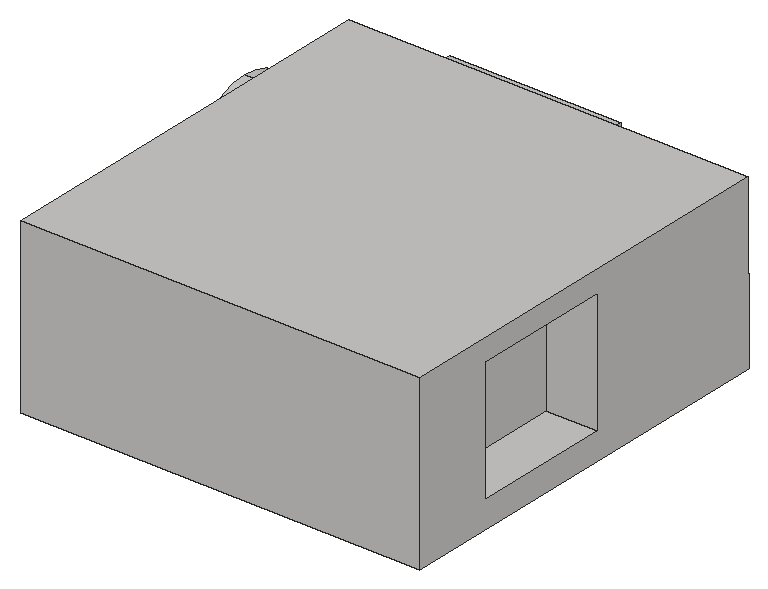
Revit family
Parameters
  Width = 4' - 0 1/8"
  Voltage = 208 V
  Unit Weight = "225.0 lbs"
  UltraLoc Liner = Choose Liner Option = 3  # no
  URL = "http://www.titus-hvac.com/"
  UL = "181"
  Supply Air Flow [instance] = 0 CFM
  SteriLoc Liner = Choose Liner Option = 2  # no
  Primary Air Pressure Drop [instance] = 0.00 in-wg
  Primary Air Flow [instance] = 0 CFM
  Plenum Air Pressure Drop [instance] = 0.00 in-wg
  Plenum Air Flow [instance] = 0 CFM
  Outlet Width = 1' - 4 1/2"
  Outlet Vertical Offset = 0' - 1 1/8"
  Outlet Horizontal Offset = 0' - 1 3/8"
  Outlet Height = 1' - 2 1/2"
  Number of Poles = 2
  Nominal Width = Width + 0' 6 1/4"  # 4' - 6 3/8"
  Nominal Length = Length + 0' 3 3/8"  # 4' - 2 1/4"
  Nominal Inlet Size = 1' - 4"
  Nominal Height = 1' - 8 1/8"
  NFPA = "90A"
  Motor Full Load Amps = 7.2 A
  Model = "DTQS"
  Min. Air Flow = 0 CFM
  Max. Air Flow = 0 CFM
  Material = Galvanized Steel
  Manufacturer = "Titus"
  Length = 3' - 10 7/8"
  Juction Box Offset = 0' - 6 7/8"
  Inlet Diameter = Nominal Inlet Size - 0' 0 1/8"  # 1' - 3 7/8"
  Induced offset = 0' - 1 1/4"
  Induced Air Inlet Offset = 0' - 4 1/2"
  Induced Air Inlet Width = 1' - 9"
  Induced Air Inlet Height = 1' - 5 1/2"
  Induced Air Filter = no
  Heating Total Capacity [instance] = 0 Btu/h
  Half Outlet Connection Width = Outlet Width / 2  # 0' - 8 1/4"
  Half Outlet Connection Height = Outlet Height / 2  # 0' - 7 1/4"
  Half Height Start = -(Nominal Height / 2)  # -0' - 10 1/16"
  Half Height End = Nominal Height / 2  # 0' - 10 1/16"
  HP-Motor = "3/4"
  Frequency = 60 Hz
  Filter Size = "27\"x20\""
  Fiber Free Liner = Choose Liner Option = 1  # no
  Fan Disconnect Switch = no
  Duct Radius = Nominal Inlet Size / 2  # 0' - 8"
  Description = "Series Fan Powered Terminal Unit, Direct Digital Control, Pressure Independent"
  Connection Void Radius = Connection Radius - 0' 0 1/4"  # 0' - 7 11/16"
  Connection Radius = Inlet Diameter / 2  # 0' - 7 15/16"
  Choose Liner Option = 0
  CADworks URL = "www.CADworks.net"
  Assembly Code = "D3040100"
  Apparent Power = Voltage * Motor Full Load Amps  # 1497.6 VA
  Air Inlet Offset = 0' - 11"
  1/2" Fiberglass Liner = Choose Liner Option = 0  # yes
Reference planes (in)
  plane 1 "Center (Front/Back)": y = 0
  plane 2: z = 0
  plane 3 "Center (Left/Right)": x = 3
  plane 4: x = -20.4375
  plane 5: x = 26.4375
  plane 6: x = -13.5625
  plane 7: x = -23.8125
  plane 8 "Center (Elevation)": z = 0
  plane 9: y = -24.0625
  plane 10: y = 24.0625
  plane 11: y = 13.0625
  plane 12: y = -19.5625
  plane 13: x = 20.4375
  plane 14: y = 30.3125
  plane 15: z = 10.0625
  plane 16: z = -10.0625
Forms (in)
  Extrusion 1, solid, material "Galvanized Steel" <- "Material"
    sketch origin (0, 0, 52) x (1, 0, 0) y (0, 1, 0)
      loop
        line (-20.4375, 24.0625) -> (-20.4375, -24.0625) -> (26.4375, -24.0625) -> (26.4375, 24.0625) -> (-20.4375, 24.0625)
    from -62.0625 <- "Half Height Start" to -41.9375 <- "Half Height End"
  Extrusion 2, solid, material "Galvanized Steel" <- "Material"
    sketch origin (5.0625, 0, -6) x (1, 0, 0) y (0, 1, 0)
      loop
        line (-18.625, 24.0625) -> (1.375, 24.0625) -> (1.375, 30.3125) -> (-18.625, 30.3125) -> (-18.625, 24.0625)
    from 0 to 12
  Extrusion 3, void
    sketch origin (26.4375, 24.0625, 53.125) x (0, 1, 0) y (0, 0, -1)
      loop
        line (-22.125, 45.5625) -> (-22.125, 60.0625) -> (-38.625, 60.0625) -> (-38.625, 45.5625) -> (-22.125, 45.5625)
    from 0 to 6
  Extrusion 4, solid, material "Galvanized Steel" <- "Material"
    sketch origin (-24.875, 0.5625, 0) x (0, 0, -1) y (0, 1, 0)
      loop
        circle (0, 12.5) r 7.9375
    from 1.0625 to 4.4375
  Extrusion 5, void
    sketch origin (-24.875, 0, 0) x (0, 1, 0) y (0, 0, 1)
      loop
        circle (13.0625, 0) r 7.6875
    from 1.0625 to 11.3125
  Extrusion 6, void
    sketch origin (-20.4375, -24.0625, 52) x (0, -1, 0) y (0, 0, -1)
      loop
        line (-25.5, 43.3125) -> (-4.5, 43.3125) -> (-4.5, 60.8125) -> (-25.5, 60.8125) -> (-25.5, 43.3125)
    from 0 to 6.875
Cuts and joins
  Extrusion 3, Extrusion 5, Extrusion 6 cuts Extrusion 1
  Extrusion 5 cuts Extrusion 4
Dimensions and locks (in)
  "Length": plane 5 to plane 4
  equal spacing: plane 5, plane 3 "Center (Left/Right)", plane 4
  locked: Extrusion 2 to plane 6 at 0
  locked: Extrusion 2 to Extrusion 2 at 20
  "Juction Box Offset": plane 6 to plane 4
  "Outlet Height": Extrusion 3 sketch curve to Extrusion 3 sketch curve
  "Outlet Width": Extrusion 3 sketch curve to Extrusion 3 sketch curve
  locked: plane 4 to plane 7 at 3.375
  "Width": plane 9 to plane 10
  equal spacing: plane 9, plane 1 "Center (Front/Back)", plane 10
  locked: Extrusion 4 sketch curve to level at 0
  locked: Extrusion 4 sketch curve to plane 11 at 0
  locked: Extrusion 5 sketch curve to level at 0
  locked: Extrusion 5 sketch curve to plane 11 at 0
  locked: Extrusion 2 to Extrusion 2 at 6.25
  "Air Inlet Offset": plane 10 to plane 11
  locked: Extrusion 2 to plane 10 at 0
  locked: cut or joined group of Extrusion 4, Extrusion 5 to plane 7 at 0
  locked: cut or joined group of Extrusion 4, Extrusion 5 to cut or joined group of Extrusion 4, Extrusion 5 at 3.375
  "Induced Air Inlet Offset": plane 9 to plane 12
  "Induced Air Inlet Width": Extrusion 6 sketch curve to Extrusion 6 sketch curve
  "Induced Air Inlet Height": Extrusion 6 sketch curve to Extrusion 6 sketch curve
  "Induced Air Inlet Offset": Extrusion 6 sketch curve to plane 9
  locked: plane 9 to Extrusion 3 sketch curve at 9.5
  cut or joined group of Extrusion 1, Extrusion 3, Extrusion 5, Extrusion 6 to Extrusion 3 sketch curve = 0' - 3 1/8"
  locked: Extrusion 2 to Extrusion 2 at 12
  equal spacing: Extrusion 2, level, Extrusion 2
  locked: cut or joined group of Extrusion 1, Extrusion 3, Extrusion 5, Extrusion 6 to cut or joined group of Extrusion 1, Extrusion 3, Extrusion 5, Extrusion 6 at 20.125
  equal spacing: cut or joined group of Extrusion 1, Extrusion 3, Extrusion 5, Extrusion 6, level, cut or joined group of Extrusion 1, Extrusion 3, Extrusion 5, Extrusion 6
  "Induced offset": Extrusion 6 sketch curve to cut or joined group of Extrusion 1, Extrusion 3, Extrusion 5, Extrusion 6
  "Connection Radius": radius of Extrusion 4 sketch curve
  "Connection Void Radius": radius of Extrusion 5 sketch curve
  aligned and locked: plane 6 to Extrusion 6
  aligned and locked: Extrusion 3 to plane 13
  aligned and locked: plane 5 to cut or joined group of Extrusion 1, Extrusion 3, Extrusion 5, Extrusion 6
  aligned and locked: cut or joined group of Extrusion 1, Extrusion 3, Extrusion 5, Extrusion 6 to plane 4
  aligned and locked: cut or joined group of Extrusion 1, Extrusion 3, Extrusion 5, Extrusion 6 to plane 10
  aligned and locked: plane 9 to cut or joined group of Extrusion 1, Extrusion 3, Extrusion 5, Extrusion 6
  aligned and locked: Extrusion 1 to Extrusion 6
  aligned and locked: Extrusion 5 to plane 7
  aligned and locked: plane 6 to Extrusion 5
Automatic sketch dimensions
  Extrusion 1 sketch curve to plane 4 = 0' - 0"
  plane 5 to Extrusion 1 sketch curve = 0' - 0"
  Extrusion 1 sketch curve to plane 9 = 0' - 0"
  Extrusion 1 sketch curve to plane 10 = 0' - 0"
  Extrusion 2 sketch curve to plane 6 = 0' - 0"
  Extrusion 2 sketch curve to plane 10 = 0' - 0"
  plane 3 "Center (Left/Right)" to Extrusion 2 sketch curve = 0' - 3 7/16"
  Extrusion 2 sketch curve to plane 10 = 0' - 6 1/4"
Connectors (in)
  electrical at (-3.5625, 30.3125, 0), driven by "Apparent Power", driven by "Voltage", driven by "Number of Poles"
    settings: on Extrusion 2, index 8
  hvac at (-23.8125, 13.0625, 0), driven by "Primary Air Flow", driven by "Duct Radius", driven by "Primary Air Pressure Drop"
    settings: on cut or joined group of Extrusion 4, Extrusion 5, index 9
  hvac at (-20.4375, -9.0625, -0.0625), driven by "Induced Air Inlet Height", driven by "Induced Air Inlet Width", driven by "Plenum Air Pressure Drop", driven by "Plenum Air Flow"
    settings: on cut or joined group of Extrusion 1, Extrusion 3, Extrusion 5, Extrusion 6, index 12
  hvac at (26.4375, -6.3125, 0.3125), driven by "Supply Air Flow", driven by "Outlet Width", driven by "Outlet Height"
    settings: on cut or joined group of Extrusion 1, Extrusion 3, Extrusion 5, Extrusion 6, index 13
